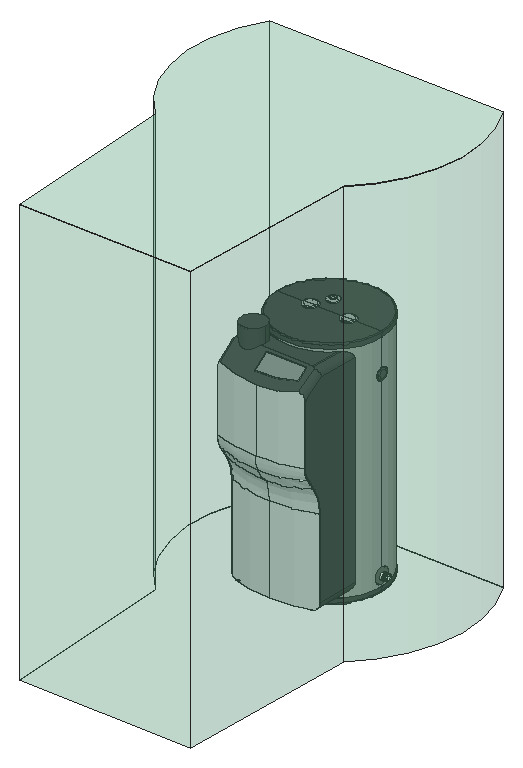
Revit family "Innovo GB_IR 24 245 GB NAT", category Mechanical Equipment, Revit 2015
Parameters (values of type "IR-24-245 GB NAT")
  Workspace Radius = Diameter + 170 mm  # 730 mm
  Workspace Height = Height + 1000 mm  # 2270 mm
  Workspace Front Distance = 1000 mm
  Working only during off-peak hour = no
  Width = Diameter  # 560 mm
  Workspace [instance] = yes
  Water heating energy efficiency class (2) = "-"
  Water heating energy efficiency class (1) = "A"  # constant formula
  Water heating energy efficiency (2) = "-"
  Water heating energy efficiency (1) = "92%"
  Warranty on tank = "36 months"  # constant formula
  Warranty on parts = "12 months"  # constant formula
  Voltage = 230 V  # constant formula
  Valve Height 02 = if(and(Height = 1745 mm, Diameter = 675 mm), 1518 mm, if(and(Height = 1745 mm, Diameter = 610 mm), 1534 mm, if(Height = 1545 mm, 1328 mm, 1070 mm)))  # 1070 mm
  Valve Height 01 = if(and(Diameter > 560 mm), 693 mm, 604 mm)  # 604 mm
  URL = "www.aosmith.co.uk"
  Type of Packaging = "Carton and Wood"  # constant formula
  Transport Weight = 114 kg
  Trade mark = "A.O. Smith"  # constant formula
  Thermostat temperature setting = 65 °C  # constant formula
  T&P Connection Rp = 3/4"
  Storage Capacity = 160.0 L
  Standard Set For = "G20"
  Stand-by Loss - daily (24h) = 0 W
  Stand-by Loss = 0 W
  Smart control = no
  Serial Number = "8717449286057"
  Seasonal Energy Efficiency Rating = [Energy Efficiency Rating (Hs, acc NEN-EN 89-1999)]  # 95
  Recovery Rate @ ΔT = 70°C = 240.0 L/s
  Recovery Rate @ ΔT = 55°C = 300.0 L/s
  Recovery Rate @ ΔT = 50°C = 330.0 L/s
  Recovery Rate @ ΔT = 44°C = 380.0 L/s
  Recovery Rate @ ΔT = 28°C = 590.0 L/s
  Product Instruction Link = ""
  Product Documentation Link = ""
  Precaustions during assembling, installation or maintenance = "see User, Installation, Service and Maintenance Manual"  # constant formula
  Power Consumption (peak) = 85 W
  Power Consumption (nominal) = 36 W
  Phase = 1
  Packaging Width = 786 mm  # constant formula
  Packaging Length = 946 mm  # constant formula
  Packaging Height = 1465 mm
  Other load profile = "-"
  Operating Weight = 274 kg
  Nominal Output = "19100"
  Nominal Heat Input (Net) = "18000"
  Nominal Heat Input (Gross) = "20000"
  Noice-level dB (A) = "<45"  # constant formula
  NOx Emissions mg/kWh = "30"
  NOx Emissions (air free, 0% O2) ppm = "19"
  Model identifier = "IR-20-160"
  Model = "IR-20-160 GB NAT"
  Min. Setpoint = 40 °C  # constant formula
  Max. Setpoint = 85 °C  # constant formula
  Max. Operating Pressure = 800000.0 Pa
  Max. Flue Gas Outlet Temperature = 61 °C
  Manufacturer Number = "E 7110"  # constant formula
  Manufacturer = "A.O. Smith Water Products Company b.v."  # constant formula
  Maintenance Interval = "12 months"  # constant formula
  Load profile = "XL"
  Length = 780 mm  # constant formula
  Insulation Thickness = 50 mm
  Installation Type = "B23/C13/C33/C43/C53/C63"  # constant formula
  Indoor sound power level = "52 dB"
  Hot / Warm Water Connection R = 3/4"
  Height Warm Water Outlet = 1270 mm
  Height Gas Connection = 860 mm
  Height Flue Outlet = 1295 mm
  Height Cold Water Inlet = 170 mm
  Height Air Inlet = 1295 mm
  Height = 1270 mm
  Heating Up Time @ ΔT = 70°C = "27"
  Heating Up Time @ ΔT = 55°C = "21"
  Heating Up Time @ ΔT = 50°C = "19"
  Heating Up Time @ ΔT = 44°C = "17"
  Heating Up Time @ ΔT = 28°C = "11"
  Gas Supply Pressure = 2000.0 Pa
  Gas Flow Rate - Volume ltr/hr = "1.90"
  Gas Flow Rate - Mass kg/h = "n.a."
  Gas Connection R = 15"  # constant formula
  Gas Category = "II2E3P"  # constant formula
  Frequency = 50 Hz  # constant formula
  Flue Diameter - water heater = "80/125 mm/mm"  # constant formula
  Flue Diameter - parallel system = "2x80"  # constant formula
  Flue Diameter - concentric system = "80/125 mm/mm"  # constant formula
  Energy Efficiency Rating (Hs, acc NEN-EN 89-1999) = 95
  Energy Efficiency Rating (Hi, acc NEN-EN 89-1999) = 106
  Empty Weight = 95 kg
  Draw-off Capacity @ ΔT = 70°C after 90 min. = 410.0 L
  Draw-off Capacity @ ΔT = 70°C after 60 min. = 290.0 L
  Draw-off Capacity @ ΔT = 70°C after 30 min. = 170.0 L
  Draw-off Capacity @ ΔT = 70°C after 120 min. = 520.0 L
  Draw-off Capacity @ ΔT = 55°C after 90 min. = 540.0 L
  Draw-off Capacity @ ΔT = 55°C after 60 min. = 390.0 L
  Draw-off Capacity @ ΔT = 55°C after 30 min. = 240.0 L
  Draw-off Capacity @ ΔT = 55°C after 120 min. = 700.0 L
  Draw-off Capacity @ ΔT = 50°C after 90 min. = 600.0 L
  Draw-off Capacity @ ΔT = 50°C after 60 min. = 440.0 L
  Draw-off Capacity @ ΔT = 50°C after 30 min. = 270.0 L
  Draw-off Capacity @ ΔT = 50°C after 120 min. = 770.0 L
  Draw-off Capacity @ ΔT = 44°C after 90 min. = 690.0 L
  Draw-off Capacity @ ΔT = 44°C after 60 min. = 510.0 L
  Draw-off Capacity @ ΔT = 44°C after 30 min. = 320.0 L
  Draw-off Capacity @ ΔT = 44°C after 120 min. = 880.0 L
  Draw-off Capacity @ ΔT = 28°C after 90 min. = 1200.0 L
  Draw-off Capacity @ ΔT = 28°C after 60 min. = 820.0 L
  Draw-off Capacity @ ΔT = 28°C after 30 min. = 530.0 L
  Draw-off Capacity @ ΔT = 28°C after 120 min. = 1500.0 L
  Drain Valve Connection Rp = 3/4"  # constant formula
  Diameter = 560 mm
  Destination / Country = "UK & Ireland"  # constant formula
  Description = "Condensing High Efficiency Storage Water Heater"  # constant formula
  Default Setpoint = 65 °C  # constant formula
  Created By = "http://www.cadcompany.nl/"
  Condens Discharge Connection = 40 mm  # constant formula
  Cold Water Connection R = 3/4"  # constant formula
  Co2 Emissions (tol. +/- 1.0) vol% = "9.3"
  CE-PIN = "0063CQ3037"  # constant formula
  BIM Content Developer = "CAD & Company"  # constant formula
  Assembly Code = "D3010"
  Annual fuel consumption (2) = "-"
  Annual fuel consumption (1) = "16 GJ GCV"
  Annual electricity consumption (2) = "-"
  Annual electricity consumption (1) = "37 kWh"
  APS Pressure < = 115.0 Pa
  2nd Maintenance (general maintenance) = "12 months after installation"  # constant formula
  1e Maintenance (check-up) = "3 months after installation"  # constant formula
Reference planes
  plane 1 "Center (Front/Back)": y = 0
  plane 2: z = 0
  plane 3 "Center (Left/Right)": x = 0
  plane 4 "Pipe": through (-383.901, 912.349, 194.799) normal (-0.0879, -0.0879, 0.9923)
  plane 5 "footing": y = 118.925
  plane 6 "footing front": y = -237.85
  plane 7: x = -280
  plane 8: x = 280
  plane 9: z = 1270
Forms (mm)
  Revolve 1, solid, material "RAL 9005", detail levels medium+fine
    sketch origin (0, -237.85, 0) x (-1, 0, 0) y (0, 0, 1)
      loop
        line (0, 28.9) -> (-15, 28.9) -> (-15, 26.4) -> (-8.671, 26.4) -> (-8.671, 18) -> (-5.686, 18) -> (-6.626, 17.06) -> (-6.626, 12.06) -> (-8.671, 12.06) -> (-8.671, 10) -> (-10.031, 10) -> (-23.271, 5.181)
        arc (-23.271, 5.181) -> (-23.763, 4.836) -> (-24.017, 4.293) r 1.159
        line (-24.017, 4.293) -> (-24.017, 1.03)
        arc (-24.017, 1.03) -> (-23.715, 0.302) -> (-22.986, 0) r 1.03
        line (-22.986, 0) -> (0, 0) -> (0, 28.9)
      axis (0, 28.9) -> (0, 0)
    angle from 0 to 360
  Revolve 2, solid, material "RAL 9005", detail levels medium+fine
    sketch origin (0, 118.925, 0) x (-1, 0, 0) y (0, 0, 1)
      loop
        line (-180.984, 28.9) -> (-195.984, 28.9) -> (-195.984, 26.4) -> (-189.655, 26.4) -> (-189.655, 18) -> (-186.67, 18) -> (-187.61, 17.06) -> (-187.61, 12.06) -> (-189.655, 12.06) -> (-189.655, 10) -> (-191.015, 10) -> (-204.256, 5.181)
        arc (-204.256, 5.181) -> (-204.747, 4.836) -> (-205.001, 4.293) r 1.159
        line (-205.001, 4.293) -> (-205.001, 1.03)
        arc (-205.001, 1.03) -> (-204.699, 0.302) -> (-203.971, 0) r 1.03
        line (-203.971, 0) -> (-180.984, 0) -> (-180.984, 28.9)
      axis (-180.984, 28.9) -> (-180.984, 0)
    angle from 0 to 360
  Revolve 3, solid, material "RAL 9005", detail levels medium+fine
    sketch origin (0, 118.925, 0) x (-1, 0, 0) y (0, 0, 1)
      loop
        line (179.016, 28.9) -> (164.016, 28.9) -> (164.016, 26.4) -> (170.345, 26.4) -> (170.345, 18) -> (173.33, 18) -> (172.39, 17.06) -> (172.39, 12.06) -> (170.345, 12.06) -> (170.345, 10) -> (168.985, 10) -> (155.744, 5.181)
        arc (155.744, 5.181) -> (155.253, 4.836) -> (154.999, 4.293) r 1.159
        line (154.999, 4.293) -> (154.999, 1.03)
        arc (154.999, 1.03) -> (155.301, 0.302) -> (156.029, 0) r 1.03
        line (156.029, 0) -> (179.016, 0) -> (179.016, 28.9)
      axis (179.016, 28.9) -> (179.016, 0)
    angle from 0 to 360
Lines and regions (mm)
  symbolic lines
    curve 1: line (0, 280.06, 0) -> (0, -280.06, 0)
    curve 2: line (-255.06, 0, 0) -> (255.06, 0, 0)
  symbolic lines, style "Workspace"
    curve 3: line (623.261, 380.06, 0) -> (-623.261, 380.06, 0)
    curve 4: arc (-623.261, 380.06, 0) -> (-723.227, -99.209, 0) -> (-497.893, -533.856, 0) r 730
    curve 5: line (-497.893, -533.856, 0) -> (-454.283, -1492.825, 0)
    curve 6: line (-454.283, -1492.825, 0) -> (456.53, -1492.825, 0)
    curve 7: line (456.53, -1492.825, 0) -> (500.201, -531.695, 0)
    curve 8: arc (500.201, -531.695, 0) -> (723.44, -97.643, 0) -> (623.261, 380.06, 0) r 730
Dimensions and locks
  plane 5 "footing" to plane 1 "Center (Front/Back)" = 118.925 mm
  plane 1 "Center (Front/Back)" to plane 6 "footing front" = 237.85 mm
  "Diameter": plane 7 to plane 8
  equal spacing: plane 7, plane 3 "Center (Left/Right)", plane 8
  "Height": plane 9 to plane 2
  "Workspace Front Distance": curve 6 to nested 3
  "Workspace Radius": radius of curve 4
  "Workspace Radius": radius of curve 8
  aligned and locked: level to plane 2
  aligned and locked: nested 3 to Revolve 1 sketch curve
  aligned and locked: plane 3 "Center (Left/Right)" to Revolve 1 sketch curve
  aligned and locked: nested 3 to plane 1 "Center (Front/Back)"
  aligned and locked: plane 3 "Center (Left/Right)" to nested 3
  aligned and locked: nested 1 to plane 8
  aligned and locked: nested 5 to plane 8
  aligned and locked: nested 2 to plane 7
  aligned and locked: nested 4 to plane 7
  aligned and locked: nested 7 to plane 7
  aligned and locked: nested 8 to plane 3 "Center (Left/Right)"
  aligned and locked: plane 1 "Center (Front/Back)" to nested 8
  aligned and locked: nested 8 to nested 3
  aligned and locked: curve 5 to nested 8
  aligned and locked: curve 7 to nested 8
  aligned and locked: curve 3 to nested 8
Automatic sketch dimensions
  Revolve 1 sketch curve to level = 0 mm
  plane 3 "Center (Left/Right)" to Revolve 1 sketch curve = 5.686 mm
  Revolve 1 sketch curve to Revolve 1 sketch curve = 0.94 mm  (x2)
  Revolve 1 sketch curve to Revolve 1 sketch curve = 2.046 mm  (x2)
  Revolve 1 sketch curve to Revolve 1 sketch curve = 1.359 mm
  Revolve 1 sketch curve to Revolve 1 sketch curve = 6.329 mm
  level to Revolve 1 sketch curve = 4.091 mm
  Revolve 1 sketch curve to Revolve 1 sketch curve = 12.844 mm
  level to Revolve 1 sketch curve = 1.03 mm
  Revolve 1 sketch curve to Revolve 1 sketch curve = 0.111 mm
  level to Revolve 1 sketch curve = 5.181 mm
  Revolve 1 sketch curve to Revolve 1 sketch curve = 0.745 mm
  level to Revolve 1 sketch curve = 10 mm
  Revolve 1 sketch curve to Revolve 1 sketch curve = 2.06 mm
  Revolve 1 sketch curve to Revolve 1 sketch curve = 5 mm
  Revolve 1 sketch curve to Revolve 1 sketch curve = 8.4 mm
  Revolve 1 sketch curve to Revolve 1 sketch curve = 2.5 mm
  Revolve 1 sketch curve to level = 19.635 mm
  Revolve 1 sketch curve to Revolve 1 sketch curve = 46.465 mm
  Revolve 2 sketch curve to level = 0 mm
  level to Revolve 2 sketch curve = 1.03 mm
  Revolve 2 sketch curve to plane 8 = 74.999 mm
  level to Revolve 2 sketch curve = 5.181 mm
  Revolve 2 sketch curve to Revolve 2 sketch curve = 0.745 mm
  Revolve 2 sketch curve to Revolve 2 sketch curve = 0.397 mm
  Revolve 2 sketch curve to Revolve 2 sketch curve = 8.271 mm
  Revolve 2 sketch curve to Revolve 2 sketch curve = 13.241 mm
  Revolve 2 sketch curve to Revolve 2 sketch curve = 1.359 mm
  Revolve 2 sketch curve to Revolve 2 sketch curve = 6.329 mm
  Revolve 2 sketch curve to Revolve 2 sketch curve = 2.046 mm
  level to Revolve 2 sketch curve = 18 mm
  Revolve 2 sketch curve to Revolve 2 sketch curve = 0.94 mm  (x2)
  Revolve 2 sketch curve to Revolve 2 sketch curve = 8.671 mm
  Revolve 2 sketch curve to Revolve 2 sketch curve = 1.089 mm
  Revolve 2 sketch curve to Revolve 2 sketch curve = 8 mm
  Revolve 2 sketch curve to Revolve 2 sketch curve = 2.06 mm
  Revolve 2 sketch curve to Revolve 2 sketch curve = 8.4 mm
  Revolve 2 sketch curve to Revolve 2 sketch curve = 2.5 mm
  Revolve 2 sketch curve to Revolve 2 sketch curve = 0 mm
  Revolve 2 sketch curve to level = 19.635 mm
  Revolve 2 sketch curve to Revolve 2 sketch curve = 46.465 mm
  Revolve 3 sketch curve to level = 0 mm
  level to Revolve 3 sketch curve = 1.03 mm
  Revolve 3 sketch curve to plane 7 = 125.001 mm
  level to Revolve 3 sketch curve = 5.181 mm
  Revolve 3 sketch curve to Revolve 3 sketch curve = 0.745 mm
  Revolve 3 sketch curve to Revolve 3 sketch curve = 0.397 mm
  Revolve 3 sketch curve to Revolve 3 sketch curve = 8.271 mm
  Revolve 3 sketch curve to Revolve 3 sketch curve = 13.241 mm
  Revolve 3 sketch curve to Revolve 3 sketch curve = 1.359 mm
  Revolve 3 sketch curve to Revolve 3 sketch curve = 6.329 mm
  Revolve 3 sketch curve to Revolve 3 sketch curve = 2.046 mm
  level to Revolve 3 sketch curve = 18 mm
  Revolve 3 sketch curve to Revolve 3 sketch curve = 0.94 mm  (x2)
  Revolve 3 sketch curve to Revolve 3 sketch curve = 8.671 mm
  Revolve 3 sketch curve to Revolve 3 sketch curve = 1.089 mm
  Revolve 3 sketch curve to Revolve 3 sketch curve = 8 mm
  Revolve 3 sketch curve to Revolve 3 sketch curve = 2.06 mm
  Revolve 3 sketch curve to Revolve 3 sketch curve = 8.4 mm
  Revolve 3 sketch curve to Revolve 3 sketch curve = 2.5 mm
  Revolve 3 sketch curve to Revolve 3 sketch curve = 0 mm
  Revolve 3 sketch curve to level = 19.635 mm
  Revolve 3 sketch curve to Revolve 3 sketch curve = 46.465 mm
  curve 4 to curve 8 = 0 mm  (x2)
  plane 1 "Center (Front/Back)" to curve 2 = 0 mm
  curve 1 to plane 3 "Center (Left/Right)" = 0 mm
  plane 1 "Center (Front/Back)" to curve 4 = 0 mm
  curve 4 to plane 3 "Center (Left/Right)" = 0 mm
  curve 2 to plane 7 = 24.94 mm
  curve 2 to plane 8 = 24.94 mm
  curve 1 to plane 6 "footing front" = 42.21 mm
  plane 5 "footing" to curve 1 = 161.135 mm
Nested families
  nested 1: "Valve" at (280, -0.38, 1070) x (0, 1, 0) z (0, 0, 1), built-in parameter 1001364 <- "Valve Height 02", type "Valve"
  nested 2: "Drain Valve" at (-280, 0, 1070), built-in parameter 1001364 <- "Valve Height 02", type "Drain Valve"
  nested 3: "Housing Mother Housing S 57 (external)" at (0, -274.886, 0), type "Housing Mother_Housing S_57"
  nested 4: "Drain Valve" at (-280, 0, 177), type "Drain Valve"
  nested 5: "Drain Valve" at (280, 0, 107) x (-1, 0, 0) z (0, 0, 1), type "Drain Valve"
  nested 6: "Boiler" at (0, 0, 0), height <- "Height", type "Boiler"
    with height 1270 mm
  nested 7: "Drain Valve" at (-280, 0, 604), built-in parameter 1001364 <- "Valve Height 01", type "Drain Valve"
  nested 8: "Innovo_workspace" at (0, 0, 0), Workspace <- "Workspace", Workspace Distance Front <- "Workspace Front Distance", Workspace Height <- "Workspace Height", Workspace Radius <- "Workspace Radius", type "Workspace"
    with Workspace Radius 730 mm, Workspace Height 2270 mm, Workspace Distance Front 1000 mm, Workspace yes, Center to Front 492.825 mm
Connectors
  piping at (314.826, 0, 107), diameter 19.05, driven by "Drain Valve Connection Rp"
    settings: on nested 5, index 1, connector inside diameter 24", connector length 0 mm, flow factor 0, pipe flow 0.0 L/s, pressure drop 0.0 Pa, fitting loss kfactor 0, connector angle 0.00°, fixture units 0, engagement length 0 mm, angle of deflection 0.00°, flow configuration 0, flow direction 0, fitting loss method 0, system type 19, joint type 0, gender type 0, connector reference index -1, connector utility 0, adjustable connector no, is connector primary yes, connector description ""
  hvac at (-147.013, -321.326, 1310.674)
    settings: on nested 3, index 2, duct flow 0.0 L/s, flow factor 0, pres drop 0.0 Pa, loss coef 0, conn angle 0.00°, conn width 304.8 mm, conn height 304.8 mm, conn diameter 125 mm, duct sys type 4, conn prof type 0, flow config 0, flow direction 0, loss method 0, conn ref index -1, conn util no, is conn primary yes, conn desc ""
Definition of nested family "Valve"
  Parameters (values of type "Valve")
    Type Comments = "T&P valve (internal)"
    Manufacturer = "A.O. Smith"
  Reference planes
    plane 1 "Center (Front/Back)": y = 0
    plane 2: z = 0
    plane 3 "Center (Left/Right)": x = 0
  Forms (mm)
    Extrusion 1, solid, detail levels fine
      sketch origin (0, 0, 0) x (1, 0, 0) y (0, 0, 1)
        loop
          circle (0, 0) r 31.5
      from -2.271 to 1.4
    Sweep 2, solid, detail levels fine
      path origin (0, -1.4, 0) x (1, 0, 0) y (0, 0, 1)
        loop
          circle (0, 0) r 31.5
      profile origin (0, -1.4, 31.5) x (0, 0, -1) y (0, -1, 0)
        loop
          line (7.3, 0) -> (7.3, 3) -> (0, 0) -> (7.3, 0)
  Dimensions and locks
    aligned and locked: level to plane 2
Definition of nested family "Drain Valve"
  Reference planes
    plane 1 "Center (Front/Back)": y = 0
    plane 2: z = 0
    plane 3 "Center (Left/Right)": x = 0
  Forms (mm)
    Revolve 1, solid, detail levels medium+fine
      sketch origin (0, 0, 0) x (1, 0, 0) y (0, 0, 1)
        loop
          line (-33.442, 15.696) -> (-34.826, 14.329) -> (-34.93, 12.731) -> (-16.555, 12.731) -> (-16.555, 0) -> (15.787, 0) -> (15.787, 18.3) -> (-14.4, 18.3) -> (-17.148, 15.533) -> (-18.729, 16.697) -> (-20.091, 15.333) -> (-21.672, 16.496) -> (-23.034, 15.133) -> (-24.614, 16.296) -> (-25.976, 14.932) -> (-27.557, 16.096) -> (-28.919, 14.732) -> (-30.5, 15.896) -> (-31.862, 14.532) -> (-33.442, 15.696)
        axis (-34.93, 0) -> (15.787, 0)
      angle from 0 to 360
  Dimensions and locks
    aligned and locked: level to plane 2
  Nested families
    nested 1: "Rubber sealing" at (2.592, -0.155, 0) x (0.0023, -1, 0) z (0, 0, 1), type "Rubber sealing", detail levels fine
  Definition of nested family "Rubber sealing"
    Reference planes
      plane 1 "Center (Front/Back)": y = 0
      plane 2: z = 0
      plane 3 "Center (Left/Right)": x = 0
    Forms (mm)
      Extrusion 1, solid, detail levels fine
        sketch origin (141.861, 319.581, 0) x (1, 0, 0) y (0, 1, 0)
          loop
            line (-216.354, -311.898) -> (-216.354, -313.94)
            arc (-216.354, -313.94) -> (-141.602, -321.581) -> (-66.861, -313.835) r 366.966
            line (-66.861, -313.835) -> (-66.861, -311.791)
            arc (-66.861, -311.791) -> (-141.602, -319.581) -> (-216.354, -311.898) r 364.966
        from -80 to 80
      Extrusion 2, void
        sketch origin (141.861, 319.581, 0) x (1, 0, 0) y (0, 0, 1)
          loop
            circle (-141.861, 0) r 13
          loop
            circle (-141.861, 0) r 110
          loop
            circle (-141.861, 0) r 40
        from 311.563 to 332.684
      Extrusion 3, void
        sketch origin (141.861, 319.581, 0) x (1, 0, 0) y (0, 0, 1)
          loop
            circle (-141.861, 0) r 18.25
        from 315.524 to 326.084
    Cuts and joins
      Extrusion 2, Extrusion 3 cuts Extrusion 1
    Dimensions and locks
      aligned and locked: level to plane 2
Definition of nested family "Housing Mother Housing S 57 (external)"
  Parameters (values of type "Housing Mother_Housing S_57")
    radius [instance] = 280 mm
    distance to boiler center = if(diameter = 675 mm, 189 mm, if(diameter = 610 mm, 154 mm, 129 mm))  # 129 mm
    diameter = 560 mm
  Reference planes
    plane 1 "Center (Front/Back)": y = 0
    plane 2: z = 0
    plane 3 "Center (Left/Right)": x = 0
    plane 4 "left": through (-245.286, 145.886, 1200) normal (0.9994, 0.0349, 0)
    plane 5: y = -217.939
    plane 6: y = 145.886
    plane 7: z = 1232.6
    plane 8: z = 65.89
    plane 9 "right": through (245.286, 145.886, 1200) normal (0.9994, -0.0349, 0)
    plane 10 "display": through (0, -90.37, 1221.196) normal (0, -0.5736, 0.8192)
    plane 11 "Potentiostat": z = 867.899
    plane 12 "boiler center": y = 274.886
    plane 13: x = -280
    plane 14: x = 280
  Forms (mm)
    Extrusion 1, solid
      sketch origin (0, 0, 0) x (1, 0, 0) y (0, 1, 0)
        loop
          line (-245.286, 145.886) -> (-232.581, -217.939) -> (232.581, -217.939) -> (245.286, 145.886)
          arc (245.286, 145.886) -> (0, 0.923) -> (-245.286, 145.886) r 280
      from 0 to 1232.6
    Sweep 2, void
      path origin (0, 0, 0) x (0, 1, 0) y (0, 0, 1)
        loop
          line (-217.939, 1232.6) -> (-217.939, 795.555)
          arc (-217.939, 795.555) -> (-212.387, 754.285) -> (-197.694, 715.322) r 183.924
          arc (-197.694, 715.322) -> (-179.915, 684.628) -> (-159.106, 655.901) r 348.284
          arc (-159.106, 655.901) -> (-131.411, 600.328) -> (-121.88, 538.973) r 202.254
          line (-121.88, 538.973) -> (-121.88, 61.106)
      profile origin (0, -217.939, 1014.077) x (1, 0, 0) y (0, 1, 0)
        loop
          arc (0, 0) -> (-117.533, 9.941) -> (-231.728, 39.475) r 699.984
          arc (-231.728, 39.475) -> (-233.391, 40.705) -> (-234.07, 42.659) r 3.505
          line (-234.07, 42.659) -> (-254.062, 42.659) -> (-254.062, -142.593) -> (254.07, -142.593) -> (254.07, 42.659) -> (234.07, 42.659)
          arc (234.07, 42.659) -> (233.391, 40.705) -> (231.728, 39.475) r 3.505
          arc (231.728, 39.475) -> (117.533, 9.941) -> (0, 0) r 699.984
    Extrusion 3, void
      sketch origin (0, 0, 0) x (0, 1, 0) y (0, 0, 1)
        loop
          arc (102.864, 70.869) -> (99.804, 70.709) -> (96.874, 69.813) r 12.57
          arc (96.874, 69.813) -> (87.878, 66.533) -> (78.516, 64.529) r 69.114
          arc (78.516, 64.529) -> (76.41, 64.284) -> (74.294, 64.148) r 41.206
          arc (74.294, 64.148) -> (65.203, 64.335) -> (56.122, 64.782) r 318.661
          arc (56.122, 64.782) -> (30.585, 66.179) -> (5.028, 67.128) r 1456.581
          line (5.028, 67.128) -> (-84.534, 73.135)
          arc (-84.534, 73.135) -> (-86.363, 73.808) -> (-87.536, 75.365) r 3.455
          line (-87.536, 75.365) -> (-264.473, 75.365) -> (-264.473, 0) -> (160.886, 0) -> (160.886, 103.945) -> (145.886, 103.945)
          arc (145.886, 103.945) -> (145.104, 97.827) -> (142.923, 92.059) r 26.364
          arc (142.923, 92.059) -> (141.067, 88.936) -> (138.867, 86.045) r 31.715
          arc (138.867, 86.045) -> (135.576, 82.49) -> (132.021, 79.2) r 62.615
          arc (132.021, 79.2) -> (125.841, 74.697) -> (119.091, 71.103) r 54.444
          arc (119.091, 71.103) -> (116.371, 70.272) -> (113.531, 70.123) r 11.669
          line (113.531, 70.123) -> (102.864, 70.869)
      from -254.062 to 254.07
    Sweep 4, void
      path origin (0, 0, 0) x (1, 0, 0) y (0, 1, 0)
        loop
          line (-245.286, 145.886) -> (-232.581, -217.939)
      profile origin (-238.933, -36.027, 0) x (0.999391, 0.034899, 0) y (0, 0, 1)
        loop
          line (-4.454, 0) -> (47.084, 0) -> (47.084, 73.431)
          arc (47.084, 73.431) -> (14.222, 85.134) -> (0.255, 117.1) r 43.922
          line (0.255, 117.1) -> (-4.454, 117.1) -> (-4.454, 0)
    Sweep 5, void
      path origin (0, 0, 0) x (-1, 0, 0) y (0, 1, 0)
        loop
          line (-245.286, 145.886) -> (-232.581, -217.939)
      profile origin (238.933, -36.027, 0) x (0.999391, -0.034899, 0) y (0, 0, 1)
        loop
          line (4.454, 0) -> (4.454, 117.1) -> (-0.255, 117.1)
          arc (-0.255, 117.1) -> (-14.222, 85.134) -> (-47.084, 73.431) r 43.922
          line (-47.084, 73.431) -> (-47.084, 0) -> (4.454, 0)
    Sweep 6, void
      path origin (-239.899, -8.377, 0) x (-0.034899, 0.999391, 0) y (0, 0, 1)
        loop
          line (-209.69, 1141.272) -> (-79.18, 1232.6) -> (154.358, 1232.6)
      profile origin (-241.211, 29.188, 1232.6) x (0, 0, 1) y (0.999391, 0.034899, 0)
        loop
          line (-45, -30) -> (75, -30) -> (75, 0) -> (75, 55) -> (2.799, 55) -> (-1.253, 35.128)
          arc (-1.253, 35.128) -> (-16.771, 9.564) -> (-45, -0.308) r 44.287
          line (-45, -0.308) -> (-45, -30)
    Sweep 7, void
      path origin (239.899, -8.377, 0) x (0.034899, 0.999391, 0) y (0, 0, 1)
        loop
          line (-209.69, 1141.272) -> (-79.18, 1232.6) -> (154.358, 1232.6)
      profile origin (241.211, 29.188, 1232.6) x (0, 0, -1) y (-0.999391, 0.034899, 0)
        loop
          line (-75, -25) -> (45, -25) -> (45, -0.308)
          arc (45, -0.308) -> (16.771, 9.564) -> (1.253, 35.128) r 44.287
          line (1.253, 35.128) -> (-2.799, 55) -> (-75, 55) -> (-75, -25)
    Extrusion 8, void
      sketch origin (0, 0, 0) x (0, 1, 0) y (0, 0, 1)
        loop
          line (-270, 1336.099) -> (-270, 1099.081) -> (68.497, 1336.099) -> (-270, 1336.099)
      from -425.038 to 444.42
    Extrusion 9, solid, detail levels medium+fine
      sketch origin (0, 0, 0) x (1, 0, 0) y (0, 1, 0)
        loop
          circle (-147.013, -46.44) r 65
      from 1163.174 to 1310.674
    Extrusion 10, void
      sketch origin (0, -603.506, 861.895) x (0, 0.819152, 0.573576) y (-1, 0, 0)
        loop
          arc (618.322, -173) -> (623.272, -170.95) -> (625.322, -166) r 7
          line (625.322, -166) -> (625.322, 35)
          arc (625.322, 35) -> (623.272, 39.95) -> (618.322, 42) r 7
          line (618.322, 42) -> (535.473, 42)
          arc (535.473, 42) -> (530.688, 40.11) -> (528.488, 35.46) r 7
          arc (528.488, 35.46) -> (531.569, -67.592) -> (554.18, -168.18) r 540
          arc (554.18, -168.18) -> (556.724, -171.668) -> (560.831, -173) r 7
          line (560.831, -173) -> (618.322, -173)
      from 0 to 137.286
    Sweep 11, solid, detail levels fine
      path origin (0, 0, 867.899) x (-1, 0, 0) y (0, -1, 0)
        loop
          line (309.749, -35.617) -> (204.371, -35.617)
          arc (204.371, -35.617) -> (196.509, -34.687) -> (189.082, -31.947) r 33.677
          line (189.082, -31.947) -> (-9.574, 69.274)
      profile origin (-257.06, 35.617, 867.899) x (0, 1, 0) y (0, 0, 1)
        loop
          circle (0, 0) r 7.316
        loop
          circle (0, 0) r 6.465
    Revolve 12, void
      sketch origin (0, 274.886, 0) x (-1, 0, 0) y (0, 0, 1)
        loop
          line (280, 1243.838) -> (0, 1243.838) -> (0, 54.9) -> (280, 54.9) -> (280, 1243.838)
        axis (0, 1243.838) -> (0, 54.9)
      angle from 0 to 360
  Cuts and joins
    Sweep 2, Extrusion 3, Sweep 4, Sweep 5, Sweep 6, Sweep 7, Extrusion 8, Extrusion 10, Revolve 12 cuts Extrusion 1
  Dimensions and locks
    plane 8 to plane 2 = 65.89 mm
    plane 7 to plane 8 = 1166.71 mm
    "distance to boiler center": plane 12 "boiler center" to plane 6
    "diameter": plane 14 to plane 13
    equal spacing: plane 14, plane 3 "Center (Left/Right)", plane 13
    "radius": plane 3 "Center (Left/Right)" to plane 13
    aligned and locked: level to plane 2
    aligned and locked: Extrusion 1 to plane 7
    aligned and locked: Extrusion 1 sketch curve to plane 5
    aligned and locked: Sweep 2 to Extrusion 3
    aligned and locked: Extrusion 3 to Sweep 2  (x2)
    aligned and locked: plane 7 to Sweep 2 sketch curve
    aligned and locked: plane 3 "Center (Left/Right)" to Revolve 12 sketch curve
    aligned and locked: Revolve 12 sketch curve to plane 3 "Center (Left/Right)"
    aligned and locked: plane 13 to Revolve 12 sketch curve
  Automatic sketch dimensions
    Extrusion 1 sketch curve to plane 4 "left" = 0 mm  (x2)
    Extrusion 1 sketch curve to plane 6 = 0 mm  (x2)
    Extrusion 1 sketch curve to plane 3 "Center (Left/Right)" = 0 mm
    Extrusion 1 sketch curve to plane 9 "right" = 0 mm
    plane 6 to Extrusion 1 sketch curve = 135.037 mm
    Sweep 2 sketch curve to plane 5 = 0 mm
    plane 5 to Sweep 2 sketch curve = 106.195 mm
    Sweep 2 sketch curve to plane 5 = 96.059 mm
    plane 1 "Center (Front/Back)" to Sweep 2 sketch curve = 34.053 mm
    plane 11 "Potentiostat" to Sweep 2 sketch curve = 6.417 mm
    Sweep 2 sketch curve to plane 6 = 33.705 mm
    Sweep 2 sketch curve to plane 11 "Potentiostat" = 68.615 mm
    Sweep 2 sketch curve to plane 11 "Potentiostat" = 72.345 mm
    Sweep 2 sketch curve to Sweep 2 sketch curve = 176.349 mm
    Sweep 2 sketch curve to Sweep 2 sketch curve = 0 mm  (x2)
    plane 8 to Sweep 2 sketch curve = 4.784 mm
    Extrusion 3 sketch curve to level = 0 mm
    Extrusion 3 sketch curve to plane 6 = 0 mm
    Extrusion 3 sketch curve to plane 6 = 26.363 mm
    Extrusion 3 sketch curve to Extrusion 3 sketch curve = 4.75 mm
    Extrusion 3 sketch curve to Extrusion 3 sketch curve = 5.179 mm
    Extrusion 3 sketch curve to plane 8 = 4.232 mm
    Extrusion 3 sketch curve to Extrusion 3 sketch curve = 0.814 mm
    Extrusion 3 sketch curve to plane 8 = 4.978 mm
    Extrusion 3 sketch curve to Extrusion 3 sketch curve = 10.667 mm
    Extrusion 3 sketch curve to Extrusion 3 sketch curve = 0.877 mm
    Extrusion 3 sketch curve to Extrusion 3 sketch curve = 17.827 mm
    Extrusion 3 sketch curve to Extrusion 3 sketch curve = 5.646 mm
    Extrusion 3 sketch curve to plane 6 = 69.562 mm
    Extrusion 3 sketch curve to Extrusion 3 sketch curve = 18.6 mm
    Extrusion 3 sketch curve to Extrusion 3 sketch curve = 22.538 mm
    Extrusion 3 sketch curve to plane 8 = 1.238 mm
    Extrusion 3 sketch curve to plane 1 "Center (Front/Back)" = 5.028 mm
    plane 1 "Center (Front/Back)" to Extrusion 3 sketch curve = 36.224 mm
    Extrusion 3 sketch curve to plane 8 = 10.692 mm
    plane 1 "Center (Front/Back)" to Extrusion 3 sketch curve = 84.302 mm
    Extrusion 3 sketch curve to plane 8 = 7.244 mm
    Extrusion 3 sketch curve to Extrusion 3 sketch curve = 0.231 mm
    Extrusion 3 sketch curve to Extrusion 3 sketch curve = 3.234 mm
    plane 5 to Extrusion 3 sketch curve = 46.534 mm
    plane 6 to Extrusion 3 sketch curve = 15 mm
    Extrusion 3 sketch curve to level = 1388.869 mm
    plane 8 to Extrusion 3 sketch curve = 7.561 mm
    Extrusion 3 sketch curve to Extrusion 3 sketch curve = 11.64 mm
    Extrusion 3 sketch curve to plane 8 = 38.054 mm
    Extrusion 3 sketch curve to Extrusion 3 sketch curve = 22.442 mm
    Extrusion 3 sketch curve to plane 8 = 39.432 mm
    Extrusion 3 sketch curve to Extrusion 3 sketch curve = 2.466 mm
    Extrusion 3 sketch curve to Extrusion 3 sketch curve = 14.17 mm
    Extrusion 3 sketch curve to Extrusion 3 sketch curve = 5.925 mm
    Extrusion 3 sketch curve to Extrusion 3 sketch curve = 6.186 mm
    Extrusion 3 sketch curve to Extrusion 3 sketch curve = 249.85 mm
    Extrusion 3 sketch curve to Extrusion 3 sketch curve = 0 mm  (x4)
    Extrusion 3 sketch curve to Extrusion 3 sketch curve = 6.845 mm
    plane 8 to Extrusion 3 sketch curve = 1.743 mm
    Sweep 4 sketch curve to plane 4 "left" = 0 mm  (x2)
    Sweep 4 sketch curve to plane 6 = 0 mm
    plane 5 to Sweep 4 sketch curve = 0 mm
    Sweep 4 sketch curve to level = 0 mm
    profile plane to Sweep 4 sketch curve = 4.454 mm
    Sweep 4 sketch curve to profile plane = 0.255 mm
    Sweep 4 sketch curve to Sweep 4 sketch curve = 43.922 mm
    Sweep 4 sketch curve to profile plane = 47.084 mm
    level to Sweep 4 sketch curve = 73.431 mm
    Sweep 4 sketch curve to Sweep 4 sketch curve = 43.669 mm
    Sweep 5 sketch curve to plane 6 = 0 mm
    Sweep 5 sketch curve to plane 9 "right" = 0 mm  (x2)
    plane 5 to Sweep 5 sketch curve = 0 mm
    Sweep 5 sketch curve to level = 0 mm
    profile plane to Sweep 5 sketch curve = 47.084 mm
    Sweep 5 sketch curve to Sweep 5 sketch curve = 2.907 mm
    profile plane to Sweep 5 sketch curve = 0.255 mm
    Sweep 5 sketch curve to profile plane = 4.454 mm
    level to Sweep 5 sketch curve = 73.431 mm
    Sweep 5 sketch curve to Sweep 5 sketch curve = 43.669 mm
    Sweep 6 sketch curve to plane 7 = 0 mm
    plane 7 to Sweep 6 sketch curve = 91.328 mm
    Sweep 6 sketch curve to Sweep 6 sketch curve = 130.509 mm
    Sweep 6 sketch curve to Sweep 6 sketch curve = 233.538 mm
    Sweep 6 sketch curve to plane 4 "left" = 0 mm
    profile plane to Sweep 6 sketch curve = 45 mm
    Sweep 6 sketch curve to Sweep 6 sketch curve = 0.354 mm
    profile plane to Sweep 6 sketch curve = 1.253 mm
    Sweep 6 sketch curve to profile plane = 2.799 mm
    Sweep 6 sketch curve to Sweep 6 sketch curve = 72.201 mm
    Sweep 6 sketch curve to plane 4 "left" = 0.308 mm
    Sweep 6 sketch curve to Sweep 6 sketch curve = 29.692 mm
    plane 4 "left" to Sweep 6 sketch curve = 35.128 mm
    plane 4 "left" to Sweep 6 sketch curve = 55 mm
    Sweep 7 sketch curve to plane 7 = 0 mm
    Sweep 7 sketch curve to plane 7 = 91.328 mm
    Sweep 7 sketch curve to Sweep 7 sketch curve = 130.509 mm
    Sweep 7 sketch curve to Sweep 7 sketch curve = 233.538 mm
    Sweep 7 sketch curve to plane 9 "right" = 25 mm
    profile plane to Sweep 7 sketch curve = 75 mm
    profile plane to Sweep 7 sketch curve = 2.799 mm
    Sweep 7 sketch curve to profile plane = 1.253 mm
    Sweep 7 sketch curve to Sweep 7 sketch curve = 43.393 mm
    Sweep 7 sketch curve to profile plane = 45 mm
    Sweep 7 sketch curve to plane 9 "right" = 0.308 mm
    plane 9 "right" to Sweep 7 sketch curve = 35.128 mm
    Sweep 7 sketch curve to Sweep 7 sketch curve = 19.872 mm
    plane 5 to Extrusion 8 sketch curve = 52.061 mm
    Extrusion 8 sketch curve to plane 1 "Center (Front/Back)" = 68.497 mm
    plane 7 to Extrusion 8 sketch curve = 133.519 mm
    Extrusion 8 sketch curve to plane 7 = 103.499 mm
    plane 1 "Center (Front/Back)" to Extrusion 9 sketch curve = 46.44 mm
    Extrusion 9 sketch curve to plane 3 "Center (Left/Right)" = 147.013 mm
    Extrusion 10 sketch curve to plane 3 "Center (Left/Right)" = 0 mm
    Extrusion 10 sketch curve to plane 3 "Center (Left/Right)" = 35 mm
    Extrusion 10 sketch curve to Extrusion 10 sketch curve = 25.359 mm
    Extrusion 10 sketch curve to Extrusion 10 sketch curve = 57.491 mm
    Extrusion 10 sketch curve to plane 3 "Center (Left/Right)" = 42 mm
    Extrusion 10 sketch curve to Extrusion 10 sketch curve = 82.85 mm
    Extrusion 10 sketch curve to Extrusion 10 sketch curve = 7 mm
    Extrusion 10 sketch curve to Extrusion 10 sketch curve = 442 mm
    plane 3 "Center (Left/Right)" to Extrusion 10 sketch curve = 166 mm
    Extrusion 10 sketch curve to Extrusion 10 sketch curve = 0 mm  (x2)
    Sweep 11 sketch curve to plane 1 "Center (Front/Back)" = 31.947 mm
    Sweep 11 sketch curve to plane 3 "Center (Left/Right)" = 189.082 mm
    Sweep 11 sketch curve to plane 1 "Center (Front/Back)" = 1.94 mm
    Sweep 11 sketch curve to Sweep 11 sketch curve = 15.289 mm
    plane 3 "Center (Left/Right)" to Sweep 11 sketch curve = 9.574 mm
    Sweep 11 sketch curve to Sweep 11 sketch curve = 105.378 mm
    plane 1 "Center (Front/Back)" to Sweep 11 sketch curve = 69.274 mm
    Sweep 11 sketch curve to Sweep 11 sketch curve = 0 mm  (x2)
    Sweep 11 sketch curve to plane 11 "Potentiostat" = 0 mm
    Sweep 11 sketch curve to profile plane = 0 mm
    plane 8 to Revolve 12 sketch curve = 10.99 mm
    Revolve 12 sketch curve to plane 7 = 11.238 mm
    Revolve 12 sketch curve to level = 366.045 mm
    Revolve 12 sketch curve to Revolve 12 sketch curve = 971.917 mm
    Sweep 2 sketch curve to plane 3 "Center (Left/Right)" = 0 mm
    profile plane to Sweep 2 sketch curve = 0 mm
    Sweep 2 sketch curve to plane 3 "Center (Left/Right)" = 0.016 mm
    Sweep 2 sketch curve to profile plane = 42.782 mm  (x2)
    Sweep 2 sketch curve to plane 3 "Center (Left/Right)" = 230.568 mm
    plane 3 "Center (Left/Right)" to Sweep 2 sketch curve = 0.016 mm
    plane 3 "Center (Left/Right)" to Sweep 2 sketch curve = 230.568 mm
    Sweep 2 sketch curve to Sweep 2 sketch curve = 3.502 mm  (x2)
    Sweep 2 sketch curve to Sweep 2 sketch curve = 20 mm
    profile plane to Sweep 2 sketch curve = 142.593 mm
    Sweep 2 sketch curve to Sweep 2 sketch curve = 0.122 mm  (x2)
    Sweep 2 sketch curve to Sweep 2 sketch curve = 657.203 mm
    Sweep 2 sketch curve to Sweep 2 sketch curve = 19.991 mm
    radius of Extrusion 9 sketch curve = 65 mm
    radius of Sweep 11 sketch curve = 7.316 mm
    radius of Sweep 11 sketch curve = 6.465 mm
  Nested families
    nested 1: "display" at (65.5, -130.939, 1192.79) x (-1, 0, 0) z (0, -0.5736, 0.8192), type "display"
  Definition of nested family "display"
    Parameters (values of type "display")
      Default Elevation = 1219.2 mm
    Reference planes
      plane 1 "Center (Front/Back)": y = 0
      plane 2: z = 0
      plane 3 "Center (Left/Right)": x = 0
    Forms (mm)
      Extrusion 1, solid, detail levels medium+fine
        sketch origin (-16.958, 11.842, -343.878) x (1, 0, 0) y (0, 0, -1)
          loop
            line (-233.523, -343.878) -> (-233.523, -346.592) -> (332.686, -346.592) -> (332.686, -343.878) -> (-233.523, -343.878)
        from -228.7 to 150.822
      Extrusion 2, void
        sketch origin (-16.958, 6.842, -343.878) x (1, 0, 0) y (0, 1, 0)
          loop
            line (-233.523, 155.822) -> (-233.523, -223.7) -> (332.686, -223.7) -> (332.686, 155.822) -> (-233.523, 155.822)
          loop
            arc (-90.542, -48.267) -> (-88.492, -53.216) -> (-83.542, -55.267) r 7
            line (-83.542, -55.267) -> (117.458, -55.267)
            arc (117.458, -55.267) -> (122.408, -53.216) -> (124.458, -48.267) r 7
            line (124.458, -48.267) -> (124.458, 34.583)
            arc (124.458, 34.583) -> (122.568, 39.368) -> (117.918, 41.568) r 7
            arc (117.918, 41.568) -> (14.866, 38.487) -> (-85.722, 15.876) r 540
            arc (-85.722, 15.876) -> (-89.21, 13.332) -> (-90.542, 9.224) r 7
            line (-90.542, 9.224) -> (-90.542, -48.267)
        from 328.878 to 363.083
    Cuts and joins
      Extrusion 2 cuts Extrusion 1
    Dimensions and locks
      aligned and locked: level to plane 2
Definition of nested family "Boiler"
  Parameters (values of type "Boiler")
    radius [instance] = 280 mm
    height [instance] = 1270 mm
    Diameter = 560 mm
  Reference planes
    plane 1 "Center (Front/Back)": y = 0
    plane 2: z = 0
    plane 3 "Center (Left/Right)": x = 0
    plane 4: z = 1243.838
    plane 5: z = 1270
    plane 6 "bottom": z = 28.9
    plane 7: z = 54.9
    plane 8 "top controle": y = 88
    plane 9: x = -280
    plane 10: x = 280
  Forms (mm)
    Revolve 1, solid
      sketch origin (0, 0, 0) x (1, 0, 0) y (0, 0, 1)
        loop
          line (0, 54.9) -> (-280, 54.9) -> (-280, 32.9)
          arc (-280, 32.9) -> (-278.828, 30.072) -> (-276, 28.9) r 4
          line (-276, 28.9) -> (0, 28.9) -> (0, 54.9)
        axis (0, 28.9) -> (0, 54.9)
      angle from 0 to 360
    Revolve 2, solid
      sketch origin (1.311, 0, 0) x (1, 0, 0) y (0, 0, 1)
        loop
          line (-278.86, 1243.838) -> (-278.86, 54.9) -> (-1.311, 54.9) -> (-1.311, 1243.838) -> (-278.86, 1243.838)
        axis (-1.311, 1243.838) -> (-1.311, 54.9)
      angle from 0 to 360
    Revolve 3, solid
      sketch origin (-9.205, 0, 377.212) x (-1, 0, 0) y (0, 0, 1)
        loop
          line (-148.904, 892.788) -> (-110.805, 892.788) -> (-110.805, 895.963) -> (-141.883, 895.963) -> (-148.904, 893.62) -> (-148.904, 892.788)
        axis (-110.805, 892.788) -> (-110.805, 895.963)
      angle from 0 to 360
    Revolve 4, solid
      sketch origin (0, 0, 718.065) x (1, 0, 0) y (0, 0, -1)
        loop
          line (0, -525.773) -> (-280, -525.773) -> (-280, -547.935)
          arc (-280, -547.935) -> (-278.828, -550.763) -> (-276, -551.935) r 4
          line (-276, -551.935) -> (0, -551.935) -> (0, -525.773)
        axis (0, -551.935) -> (0, -525.773)
      angle from 0 to 360
    Revolve 5, solid
      sketch origin (0, 88, 0) x (1, 0, 0) y (0, 0, 1)
        loop
          line (-19.051, 1270) -> (-19.051, 1271.074) -> (-32.63, 1275.604) -> (-32.63, 1271.117) -> (-37.266, 1271.117) -> (-38.383, 1270) -> (-19.051, 1270)
        axis (-50.8, 1270) -> (-50.8, 1275.604)
      angle from 0 to 360
    Revolve 6, solid
      sketch origin (-217.12, 0, 372.245) x (-1, 0, 0) y (0, 0, 1)
        loop
          line (-153.622, 897.755) -> (-115.52, 897.755) -> (-115.52, 900.93) -> (-146.626, 900.93) -> (-153.622, 898.596) -> (-153.622, 897.755)
        axis (-115.52, 897.755) -> (-115.52, 900.93)
      angle from 0 to 360
  Dimensions and locks
    "height": plane 5 to plane 2
    plane 6 "bottom" to plane 2 = 28.9 mm
    locked: plane 5 to plane 4 at 26.162
    locked: plane 1 "Center (Front/Back)" to plane 8 "top controle" at 88
    "Diameter": plane 10 to plane 9
    equal spacing: plane 10, plane 3 "Center (Left/Right)", plane 9
    "radius": plane 3 "Center (Left/Right)" to plane 9
    locked: plane 9 to Revolve 2 sketch curve at 2.452
    aligned and locked: level to plane 2
    aligned and locked: Revolve 2 sketch curve to plane 7
    aligned and locked: Revolve 2 sketch curve to plane 4
    aligned and locked: Revolve 1 sketch curve to plane 7
    aligned and locked: plane 6 "bottom" to Revolve 1 sketch curve
    aligned and locked: Revolve 4 sketch curve to plane 3 "Center (Left/Right)"
    aligned and locked: plane 5 to Revolve 4 sketch curve
    aligned and locked: Revolve 4 sketch curve to plane 4
    aligned and locked: plane 9 to Revolve 4 sketch curve
    aligned and locked: Revolve 1 sketch curve to plane 9
    aligned and locked: Revolve 2 sketch curve to plane 3 "Center (Left/Right)"
    aligned and locked: plane 3 "Center (Left/Right)" to Revolve 2 sketch curve
  Automatic sketch dimensions
    Revolve 1 sketch curve to plane 3 "Center (Left/Right)" = 0 mm  (x2)
    Revolve 1 sketch curve to Revolve 1 sketch curve = 4 mm
    Revolve 1 sketch curve to level = 40 mm
    Revolve 1 sketch curve to Revolve 1 sketch curve = 305.1 mm
    Revolve 2 sketch curve to level = 366.045 mm
    Revolve 2 sketch curve to plane 5 = 945.755 mm
    Revolve 3 sketch curve to plane 5 = 0 mm
    Revolve 3 sketch curve to plane 3 "Center (Left/Right)" = 139.699 mm
    plane 5 to Revolve 3 sketch curve = 3.175 mm
    Revolve 3 sketch curve to Revolve 3 sketch curve = 7.022 mm
    Revolve 3 sketch curve to Revolve 3 sketch curve = 31.078 mm
    Revolve 3 sketch curve to Revolve 3 sketch curve = 0.832 mm
    Revolve 3 sketch curve to Revolve 3 sketch curve = 0 mm
    Revolve 3 sketch curve to Revolve 3 sketch curve = 2.338 mm
    Revolve 3 sketch curve to Revolve 3 sketch curve = 4.487 mm
    Revolve 4 sketch curve to plane 3 "Center (Left/Right)" = 0 mm
    Revolve 4 sketch curve to Revolve 4 sketch curve = 4 mm
    Revolve 4 sketch curve to Revolve 4 sketch curve = 68.738 mm
    Revolve 4 sketch curve to Revolve 4 sketch curve = 305.1 mm
    Revolve 6 sketch curve to plane 5 = 0 mm
    plane 3 "Center (Left/Right)" to Revolve 6 sketch curve = 63.497 mm
    plane 5 to Revolve 6 sketch curve = 3.175 mm
    Revolve 6 sketch curve to Revolve 6 sketch curve = 6.997 mm
    Revolve 6 sketch curve to Revolve 6 sketch curve = 31.106 mm
    Revolve 6 sketch curve to Revolve 6 sketch curve = 0.84 mm
    Revolve 6 sketch curve to Revolve 6 sketch curve = 0 mm
    Revolve 6 sketch curve to Revolve 6 sketch curve = 7.216 mm
    Revolve 6 sketch curve to Revolve 6 sketch curve = 0.391 mm
    Revolve 5 sketch curve to Revolve 5 sketch curve = 13.578 mm
    Revolve 5 sketch curve to Revolve 5 sketch curve = 1.074 mm
    Revolve 5 sketch curve to Revolve 5 sketch curve = 12.417 mm
    Revolve 5 sketch curve to Revolve 5 sketch curve = 5.753 mm
    Revolve 5 sketch curve to plane 5 = 1.117 mm
    Revolve 5 sketch curve to Revolve 5 sketch curve = 1.117 mm
    plane 5 to Revolve 5 sketch curve = 4.396 mm
    Revolve 5 sketch curve to plane 5 = 0 mm
    Revolve 5 sketch curve to Revolve 5 sketch curve = 4.487 mm
    Revolve 5 sketch curve to plane 3 "Center (Left/Right)" = 38.383 mm
    Revolve 5 sketch curve to plane 5 = 5.604 mm
Definition of nested family "Innovo_workspace"
  Parameters (values of type "Workspace")
    Workspace Radius [instance] = 730 mm
    Workspace Height [instance] = 2270 mm
    Workspace Distance Front [instance] = 1000 mm
    Workspace [instance] = yes
    URL = "www.aosmith.nl"
    Model = ""
    Manufacturer = "A.O. Smith Water Products Company b.v."  # constant formula
    Description = ""
    Created By = ""
    Center to Front [instance] = 492.825 mm
    BIM Content Developer = "CAD & Company"  # constant formula
    Assembly Code = ""
  Reference planes
    plane 1 "Center (Front/Back)": y = 0
    plane 2: z = 0
    plane 3 "Center (Left/Right)": x = 0
    plane 4 "Pipe": through (-383.901, 912.349, 194.799) normal (-0.0879, -0.0879, 0.9923)
    plane 5 "front": y = -492.825
  Forms (mm)
    Extrusion 1, solid, visible <- "Workspace"
      sketch origin (0, 0, 0) x (1, 0, 0) y (0, 1, 0)
        loop
          line (456.53, -1492.825) -> (500.201, -531.695)
          arc (500.201, -531.695) -> (723.44, -97.643) -> (623.261, 380.06) r 730
          line (623.261, 380.06) -> (-623.261, 380.06)
          arc (-623.261, 380.06) -> (-723.227, -99.209) -> (-497.893, -533.856) r 730
          line (-497.893, -533.856) -> (-454.283, -1492.825) -> (456.53, -1492.825)
      from 0 to 2270 <- "Workspace Height"
  Lines and regions (mm)
    symbolic lines
      curve 1: line (0, 280.06, 0) -> (0, -280.06, 0)
      curve 2: line (-255.06, 0, 0) -> (255.06, 0, 0)
  Dimensions and locks
    locked: Extrusion 1 sketch curve to curve 1 at 100
    "Workspace Distance Front": plane 5 "front" to Extrusion 1
    "Center to Front": plane 1 "Center (Front/Back)" to plane 5 "front"
    "Workspace Radius": radius of Extrusion 1 sketch curve  (x2)
    aligned and locked: level to plane 2
  Automatic sketch dimensions
    plane 1 "Center (Front/Back)" to curve 2 = 0 mm
    curve 1 to plane 3 "Center (Left/Right)" = 0 mm
    plane 3 "Center (Left/Right)" to curve 2 = 255.06 mm
    curve 1 to plane 1 "Center (Front/Back)" = 280.06 mm
    curve 2 to plane 3 "Center (Left/Right)" = 255.06 mm
    plane 5 "front" to curve 1 = 212.765 mm
    Extrusion 1 sketch curve to Extrusion 1 sketch curve = 0 mm  (x2)
    plane 1 "Center (Front/Back)" to Extrusion 1 sketch curve = 0 mm
    Extrusion 1 sketch curve to plane 3 "Center (Left/Right)" = 0 mm
    Extrusion 1 sketch curve to plane 5 "front" = 41.031 mm
    Extrusion 1 sketch curve to plane 3 "Center (Left/Right)" = 454.283 mm
    plane 3 "Center (Left/Right)" to Extrusion 1 sketch curve = 456.53 mm
    Extrusion 1 sketch curve to plane 5 "front" = 38.869 mm
    Extrusion 1 sketch curve to Extrusion 1 sketch curve = 961.131 mm
